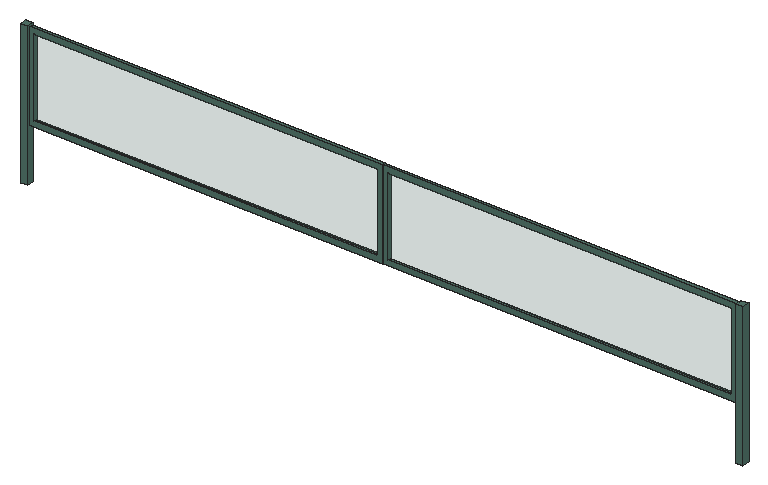
Revit family "Ворота распашные_PROM_UXL_BARS", category Специальное оборудование, Revit 2019
Family settings
  Размер круглого соединителя = Использовать диаметр
  Тип детали = Нормальный
  На основе рабочей плоскости = Нет
  Всегда вертикально = Да
  При загрузке вырезать с полостями = Нет
  Общий = Нет
  Точка расчета площади = Нет
Parameters (values of type "PROM-UXL_Бетонирование в кондукторе")
  Ширина рамки = 60 mm
  Ширина открывания [instance] = Ширина / 2  # 4000 mm
  Ширина [instance] = 8000 mm
  Т = "UXL_BARS"  # constant formula
  Фланец под винтовую опору (SITgs) = no
  Фланец (SIT) = no
  Тип крепления = if([Бетонирование в кондукторе (SIC)], 1, if([Бетонирование столбы (SI)], 2, if([Фланец (SIT)], 3, if([Фланец под винтовую опору (SITgs)], 4, 0))))  # 1
  Сечение столба = 80 mm
  Материал_Столбы = FENSYS_Столб
  Материал_Сетка = FENSYS_Рейка
  Изготовитель = "FENSYS"  # constant formula
  Высота [instance] = 1100 mm
  Бетонирование столбы (SI) = no
  Бетонирование в кондукторе (SIC) = yes
  Глубина столба = if(or([Бетонирование в кондукторе (SIC)], [Бетонирование столбы (SI)]), 500 mm, 0 mm)  # 500 mm
  URL = "https://www.fensys.ru/produkciya/vorota_1.html"
  ADSK_Размер_Ширина [instance] = Ширина  # 8000 mm
  ADSK_Размер_Высота [instance] = Высота  # 1100 mm
  ADSK_Обозначение = "UXL/SIC/BARS"
  ADSK_Наименование [instance] = size_lookup(Т, "", "Не найдено", ADSK_Размер_Высота, ADSK_Размер_Ширина, Тип крепления)  # "Ворота распашные серии PROM-UXL: HxW 1100x8000 (оси столбов 8160, профиль 160х160х5мм), заполнение BARS, столбы с регулируемыми петлями, на фланцах под усиленное бетонирование на армокаркасах"
  ADSK_Масса [instance] = size_lookup(Т, "ADSK_Масса", 0, ADSK_Размер_Высота, ADSK_Размер_Ширина, Тип крепления)  # 409
  ADSK_Комплект = "Ворота распашные"  # constant formula
  ADSK_Код изделия [instance] = size_lookup(Т, "ADSK_Код изделия", "Не найдено", ADSK_Размер_Высота, ADSK_Размер_Ширина, Тип крепления)  # "47420U"
  ADSK_Завод-изготовитель = Изготовитель  # "FENSYS"
  ADSK_Единица измерения = "шт."  # constant formula
Types (5, lengths in mm): name | Фланец под винтовую опору (SITgs) | Фланец (SIT) | Тип крепления | Бетонирование столбы (SI) | Бетонирование в кондукторе (SIC) | Глубина столба | ADSK_Обозначение | ADSK_Наименование | ADSK_Масса | ADSK_Код изделия
  (no name) | no | no | 1 | no | yes | 500 | "UXL/SIC/BARS" | "Ворота распашные серии PROM-UXL: HxW 1100x8000 (оси столбов 8160, профиль 160х160х5мм), заполнение BARS, столбы с регулируемыми петлями, на фланцах под усиленное бетонирование на армокаркасах" | 409 | "47420U"
  PROM-UXL_Под бетонирование | no | no | 2 | yes | no | 500 | "UXL/SI/BARS" | "Ворота распашные серии PROM-UXL: HxW 1100x8000 (оси столбов 8160, профиль 160х160х5мм), заполнение BARS, столбы с регулируемыми петлями, под бетонирование" | 320 | "47498U"
  PROM-UXL_Фланец | no | yes | 3 | no | no | 0 | "UXL/SIT/BARS" | "Ворота распашные серии PROM-UXL: HxW 1100x8000 (оси столбов 8160, профиль 160х160х5мм), заполнение BARS, столбы с регулируемыми петлями, на фланцах под анкерное крепление на бетон" | 313 | "47458U"
  PROM-UXL_Фланец под винтовую опору | yes | no | 4 | no | no | 0 | "UXL/SITgs/BARS" | "Ворота распашные серии PROM-UXL: HxW 1100x8000 (оси столбов 8160, профиль 160х160х5мм), заполнение BARS, столбы с регулируемыми петлями, под крепление на винтовых опорах" | 235 | "47578U"
  PROM-UXL_Бетонирование в кондукторе | no | no | 1 | no | yes | 500 | "UXL/SIC/BARS" | "Ворота распашные серии PROM-UXL: HxW 1100x8000 (оси столбов 8160, профиль 160х160х5мм), заполнение BARS, столбы с регулируемыми петлями, на фланцах под усиленное бетонирование на армокаркасах" | 409 | "47420U"
Reference planes
  plane 1 "По центру (Вперед/Назад)": y = 0
  plane 2: z = 0
  plane 3 "По центру (Влево/Вправо)": x = 0
  plane 4: x = 8160
  plane 5: y = 40
  plane 6: y = -40
  plane 7: x = 80
  plane 8: x = 8080
  plane 9: z = 1100
  plane 10: z = 100
  plane 11: z = -500
  plane 12: y = 20
  plane 13: y = -20
  plane 14: y = 2
  plane 15: y = -2
  plane 16: z = 1040
  plane 17: z = 1110
  plane 18: y = 2
  plane 19: y = -2
  plane 20: x = 4080
Forms (mm)
  Extrusion 1, solid, material "FENSYS_Столб" <- "Материал_Столбы"
    sketch origin (0, 0, 0) x (1, 0, 0) y (0, 1, 0)
      loop
        line (0, 40) -> (0, -40) -> (80, -40) -> (80, 40) -> (0, 40)
      loop
        line (8080, 40) -> (8080, -40) -> (8160, -40) -> (8160, 40) -> (8080, 40)
    from -500 to 1110
  Extrusion 2, solid, material "FENSYS_Рейка" <- "Материал_Сетка"
    sketch origin (0, 0, 0) x (1, 0, 0) y (0, 1, 0)
      loop
        line (140, 2) -> (140, -2) -> (4020, -2) -> (4020, 2) -> (140, 2)
    from 160 to 1040
  Extrusion 3, solid, material "FENSYS_Столб" <- "Материал_Столбы"
    sketch origin (0, 0, 0) x (1, 0, 0) y (0, 0, 1)
      loop
        line (80, 1100) -> (80, 100) -> (4075, 100) -> (4075, 1100) -> (80, 1100)
      loop
        line (8080, 100) -> (8080, 1100) -> (4085, 1100) -> (4085, 100) -> (8080, 100)
      loop
        line (140, 160) -> (4020, 160) -> (4020, 1040) -> (140, 1040) -> (140, 160)
      loop
        line (8020, 160) -> (8020, 1040) -> (4140, 1040) -> (4140, 160) -> (8020, 160)
    from -20 to 20
  Extrusion 4, solid, material "FENSYS_Рейка" <- "Материал_Сетка"
    sketch origin (1010, 0, 0) x (1, 0, 0) y (0, 1, 0)
      loop
        line (3130, 2) -> (3130, -2) -> (7010, -2) -> (7010, 2) -> (3130, 2)
    from 160 to 1040
Lines and regions (mm)
  Masking region 1, detail levels coarse
    outline origin (0, 0, 0) x (1, 0, 0) y (0, 1, 0)
      loop
        line (80, 20) -> (80, -20) -> (8080, -20) -> (8080, 20) -> (80, 20)
Dimensions and locks
  equal spacing: plane 6, plane 1 "По центру (Вперед/Назад)", plane 5
  "Сечение столба": plane 3 "По центру (Влево/Вправо)" to plane 7
  "Сечение столба": plane 8 to plane 4
  "ADSK_Размер_Высота": plane 9 to plane 2
  "Глубина столба": plane 2 to plane 11
  plane 10 to plane 2 = 100 mm
  plane 5 to plane 1 "По центру (Вперед/Назад)" = 40 mm
  equal spacing: plane 13, plane 1 "По центру (Вперед/Назад)", plane 12
  plane 1 "По центру (Вперед/Назад)" to plane 12 = 20 mm
  equal spacing: plane 15, plane 1 "По центру (Вперед/Назад)", plane 14
  locked: plane 1 "По центру (Вперед/Назад)" to plane 14 at 2
  "Ширина рамки": plane 9 to plane 16
  "ADSK_Размер_Ширина": plane 7 to plane 8
  locked: plane 17 to plane 9 at 10
  plane 19 to plane 18 = 4 mm
  Extrusion 1 to Extrusion 1 = 8160 mm
  "Сечение столба": plane 5 to plane 6
  equal spacing: plane 8, plane 20, plane 7
  aligned and locked: level to plane 2
  aligned and locked: Extrusion 1 sketch curve to plane 5
  aligned and locked: plane 5 to Extrusion 1 sketch curve
  aligned and locked: plane 6 to Extrusion 1 sketch curve
  aligned and locked: Extrusion 1 sketch curve to plane 6
  aligned and locked: Extrusion 1 sketch curve to plane 4
  aligned and locked: plane 8 to Extrusion 1 sketch curve
  aligned and locked: Extrusion 1 sketch curve to plane 7
  aligned and locked: plane 3 "По центру (Влево/Вправо)" to Extrusion 1 sketch curve
  aligned and locked: Extrusion 1 to plane 11
  aligned and locked: Extrusion 2 sketch curve to plane 14
  aligned and locked: Extrusion 2 sketch curve to plane 15
  aligned and locked: Extrusion 2 to plane 16
  aligned and locked: plane 8 to nested 1
  aligned and locked: nested 1 to plane 1 "По центру (Вперед/Назад)"
  aligned and locked: plane 1 "По центру (Вперед/Назад)" to nested 2
  aligned and locked: plane 7 to nested 2
  aligned and locked: Masking region 1 sketch curve to plane 12
  aligned and locked: Masking region 1 sketch curve to plane 13
  aligned and locked: plane 7 to Masking region 1 sketch curve
  aligned and locked: Masking region 1 sketch curve to plane 8
  aligned and locked: Extrusion 1 to plane 17
  aligned and locked: Extrusion 3 to plane 13
  aligned and locked: Extrusion 3 to plane 12
  aligned and locked: Extrusion 2 to Extrusion 3  (x2)
  aligned and locked: Extrusion 3 to plane 16
  aligned and locked: Extrusion 3 to Extrusion 2
  aligned and locked: plane 18 to Extrusion 4 sketch curve
  aligned and locked: Extrusion 4 sketch curve to plane 19
  aligned and locked: Extrusion 4 to Extrusion 3  (x4)
  aligned and locked: Extrusion 1 to plane 5
  aligned and locked: plane 6 to Extrusion 1
  aligned and locked: plane 16 to Extrusion 3
Automatic sketch dimensions
  plane 7 to Extrusion 2 sketch curve = 60 mm
  Extrusion 2 sketch curve to Extrusion 2 sketch curve = 3880 mm
  plane 7 to Extrusion 4 sketch curve = 4060 mm
  Extrusion 4 sketch curve to plane 8 = 60 mm
  Extrusion 3 sketch curve to plane 7 = 0 mm
  Extrusion 3 sketch curve to plane 16 = 0 mm  (x2)
  Extrusion 3 sketch curve to plane 10 = 0 mm  (x3)
  Extrusion 3 sketch curve to plane 9 = 0 mm  (x2)
  Extrusion 3 sketch curve to plane 8 = 0 mm
  plane 7 to Extrusion 3 sketch curve = 60 mm
  Extrusion 3 sketch curve to plane 20 = 5 mm
  Extrusion 3 sketch curve to plane 8 = 60 mm
  plane 10 to Extrusion 3 sketch curve = 60 mm  (x2)
  plane 20 to Extrusion 3 sketch curve = 5 mm
  plane 20 to Extrusion 3 sketch curve = 60 mm
  Extrusion 3 sketch curve to plane 20 = 60 mm
Nested families
  nested 1: "Открываение_Обозначение" at (8080, 0, 0) x (-1, 0, 0) z (0, 0, 1), Ширина <- "Ширина открывания", type "Открываение_Обозначение", detail levels coarse
    with Ширина 4000 mm
  nested 2: "Открываение_Обозначение" at (80, 0, 0), Ширина <- "Ширина открывания", type "Открываение_Обозначение", detail levels coarse
    with Ширина 4000 mm
Definition of nested family "Открываение_Обозначение"
  Parameters (values of type "Открываение_Обозначение")
    Ширина [instance] = 900 mm
  Reference planes
    plane 1 "По центру (Вперед/Назад)": y = 0
    plane 2: z = 0
    plane 3 "По центру (Влево/Вправо)": x = 0
    plane 4: x = 900
  Lines and regions (mm)
    detail lines, in view "Опорный уровень"
      curve 1: line (0, 0, 0) -> (779.423, 450, 0)
  Dimensions and locks
    "Ширина": plane 3 "По центру (Влево/Вправо)" to plane 4
    "Ширина": curve 1 to curve 1
    locked: plane 1 "По центру (Вперед/Назад)" to curve 1 (angle 30.00°)
    aligned and locked: plane 3 "По центру (Влево/Вправо)" to curve 1
    aligned and locked: plane 1 "По центру (Вперед/Назад)" to curve 1
